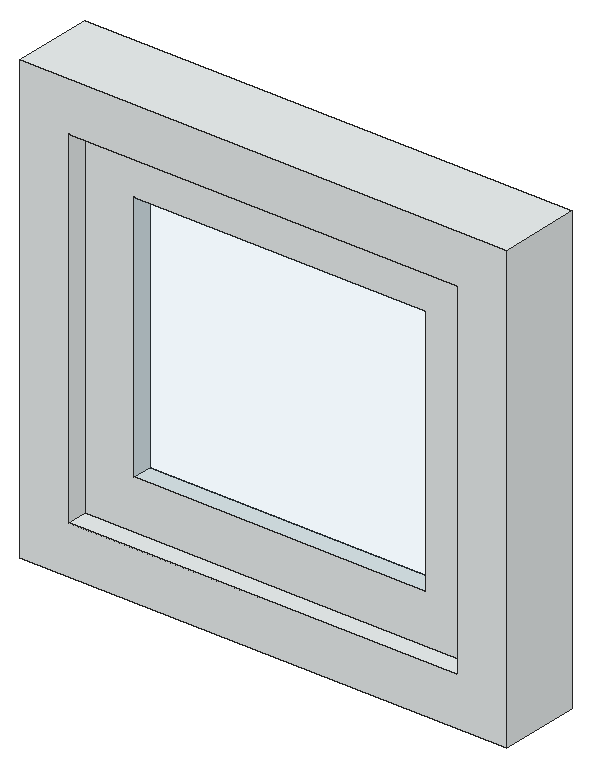
Revit family
Parameters (values of type "AW-3")
  Assembly Code = ""
  Height = 550 mm
  기본 씰 높이 = 1100 mm
  Wall Closure = (empty or 0)
  Width = 600 mm
Reference planes
  plane 1: y = 0
  plane 2 "중심(왼쪽/오른쪽)": x = 0
  plane 3 "좌측면": x = -300
  plane 4 "오른쪽": x = 300
  plane 5 "씰": z = 1100
  plane 6 "헤드": z = 1650
  plane 7 "외부": y = 75
  plane 8 "내부": y = -75
Forms (mm)
  Sweep 1, solid, material "창문틀"
    path in 3D
      loop
        line (-300, -75, 1650) -> (300, -75, 1650) -> (300, -75, 1100) -> (-300, -75, 1100) -> (-300, -75, 1650)
    profile origin (-300, -75, 1375) x (0, -1, 0) y (1, 0, 0)
      loop
        line (0, 0) -> (0, 60) -> (-100, 60) -> (-100, 0) -> (0, 0)
  Sweep 2, solid, material "창문틀"
    path in 3D
      loop
        line (-240, -75, 1590) -> (240, -75, 1590) -> (240, -75, 1160) -> (-240, -75, 1160) -> (-240, -75, 1590)
    profile origin (-240, -75, 1375) x (0, -1, 0) y (1, 0, 0)
      loop
        line (-25, 0) -> (-25, 60) -> (-50, 60) -> (-50, 0) -> (-25, 0)
  Extrusion 3, solid, material "유리"
    sketch origin (-180, -50, 1220) x (0, 0, 1) y (-1, 0, 0)
      loop
        line (310, 0) -> (0, 0) -> (0, -360) -> (310, -360) -> (310, 0)
    from 0 to -25
Lines and regions (mm)
  Opening 1
    outline origin (3500, -75, 0) x (1, 0, 0) y (0, 0, 1)
      loop
        line (-3200, 1100) -> (-3200, 1650) -> (-3800, 1650) -> (-3800, 1100) -> (-3200, 1100)
  sketch lines
    curve 1: line (-300, -75, 1100) -> (-300, -75, 1650)
    curve 2: line (-300, -75, 1650) -> (300, -75, 1650)
    curve 3: line (300, -75, 1650) -> (300, -75, 1100)
    curve 4: line (300, -75, 1100) -> (-300, -75, 1100)
    curve 5: line (-240, -75, 1160) -> (-240, -75, 1590)
    curve 6: line (240, -75, 1590) -> (240, -75, 1160)
    curve 7: line (240, -75, 1160) -> (-240, -75, 1160)
    curve 10: line (-240, -75, 1590) -> (240, -75, 1590)
  symbolic lines
    curve 8: line (180, 75, 1220) -> (0, 75, 1530)
    curve 9: line (0, 75, 1530) -> (-180, 75, 1220)
Text (mm)
  text "외부" at (-1963.203, 1332.353, 0), in view "참조 레벨"
  text "내부" at (-1981.466, -818.386, 0), in view "참조 레벨"
  text "외부" at (0, 923.751, 2943.296), in view "오른쪽"
  text "외부" at (0, 1040.484, 2685.409), in view "좌측면"
Dimensions and locks
  equal spacing: plane 3 "좌측면", plane 2 "중심(왼쪽/오른쪽)", plane 4 "오른쪽"
  "Width": plane 3 "좌측면" to plane 4 "오른쪽"
  "Height": plane 5 "씰" to plane 6 "헤드"
  "기본 씰 높이": plane 5 "씰" to level
  locked: plane 7 "외부" to host wall at 0
  locked: plane 8 "내부" to host wall
Automatic sketch dimensions
  Opening 1 sketch curve to plane 3 "좌측면" = 0 mm
  Opening 1 sketch curve to plane 4 "오른쪽" = 0 mm
  Opening 1 sketch curve to plane 5 "씰" = 0 mm
  Opening 1 sketch curve to plane 6 "헤드" = 0 mm
  Sweep 1 sketch curve to profile plane = 0 mm
  profile plane to Sweep 1 sketch curve = 0 mm
  Sweep 1 sketch curve to Sweep 1 sketch curve = 100 mm
  profile plane to Sweep 1 sketch curve = 60 mm
  Sweep 2 sketch curve to profile plane = 0 mm
  profile plane to Sweep 2 sketch curve = 25 mm
  Sweep 2 sketch curve to Sweep 2 sketch curve = 25 mm
  profile plane to Sweep 2 sketch curve = 60 mm
  Extrusion 3 sketch curve to Sweep 2 = 0 mm  (x3)
  curve 9 to plane 2 "중심(왼쪽/오른쪽)" = 0 mm
  curve 9 to plane 3 "좌측면" = 120 mm
  plane 4 "오른쪽" to curve 8 = 120 mm
  curve 9 to plane 5 "씰" = 120 mm
  curve 8 to plane 5 "씰" = 120 mm
  curve 9 to curve 9 = 310 mm
  Extrusion 3 sketch curve to Extrusion 3 sketch curve = 310 mm
